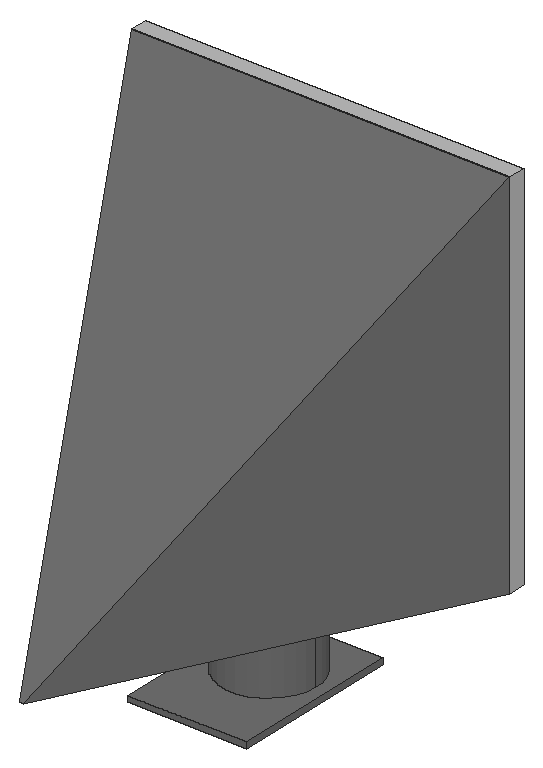
Revit family "M2WU", category Lighting Fixtures, host Face, Revit 2012
Parameters (values of type "M2WU-T4-32LED-5K-700")
  Wattage Comments = "57 and 70 watts High Output Fluorescent"
  Wattage = 9.2903 W
  built-in parameter 1150110 = 1 (stored number, unit not read)
  Voltage = 120 V
  URL = "www.aal.net"
  built-in parameter 1114217 = 1 (stored number, unit not read)
  Tilt Angle = 90.00°
  built-in parameter 1150109 = 1 (stored number, unit not read)
  built-in parameter 1150134 = 3
  built-in parameter 1150113 = 1 (stored number, unit not read)
  Product Page URL = "http://www.aal.net/products/mitre_medium_scale/"
  Product Documentation Link = "http://www.aal.net/content/products/specs/specs_files/aal_m2_spec.pdf"
  Photometric Web File = "M2-T4-32LED-5K-700.ies"
  built-in parameter 1150142 = (empty or 0)
  Model = "M2WU"  # constant formula
  Manufacturer Phone = "626-968-5666"  # constant formula
  Manufacturer Fax = "626-369-2695"  # constant formula
  Manufacturer = "Architectural Area Lighting"  # constant formula
  built-in parameter 1150105 = -9506820 (stored number, unit not read)
  Lumens = 1380 lm
  built-in parameter 1150115 = 1 (stored number, unit not read)
  built-in parameter 1150137 = (empty or 0)
  built-in parameter 1150139 = (empty or 0)
  built-in parameter 1150112 = 1 (stored number, unit not read)
  built-in parameter 1150114 = 1 (stored number, unit not read)
  Lamp = "One"
  built-in parameter 1150132 = (empty or 0)
  built-in parameter 1150102 = (empty or 0)
  built-in parameter 1150107 = 3200 (stored number, unit not read)
  built-in parameter 1150138 = (empty or 0)
  built-in parameter 1150106 = -95068.2 (stored number, unit not read)
  Glass = Glass-Finish
  Finish 2 = Silicon Gasket
  Finish = Die Cast Aluminium
  built-in parameter 1150104 = 13.8 (stored number, unit not read)
  Dimming Lamp Color Temperature Shift = <None>
  Description = "Horizontal reflector uplight"  # constant formula
  Default Elevation = 60"
  Color Filter = 16777215
  built-in parameter 1114218 = 1 (stored number, unit not read)
  built-in parameter 1150133 = 10 (stored number, unit not read)
  Apparent Load = 0 VA
Types (22): name | Photometric Web File | built-in parameter 1150105 | built-in parameter 1150106
  M2WU-T2-32LED-3K-700 | "M2-T2-32LED-3K-700.ies" | -4749960 (stored number, unit not read) | -47499.6 (stored number, unit not read)
  M2WU-T3-32LED-3K-700 | "M2-T3-32LED-3K-700.ies" | -4759620 (stored number, unit not read) | -47596.2 (stored number, unit not read)
  M2WU-T4-32LED-3K-700 | "M2-T4-32LED-3K-700.ies" | -7508580 (stored number, unit not read) | -75085.8 (stored number, unit not read)
  M2WU-T4-32LED-3K-HSS-700 | "M2-T4-32LED-3K-HSS-700.ies" | -7391280 (stored number, unit not read) | -73912.8 (stored number, unit not read)
  M2WU-T5-32LED-3K-700 | "M2-T5-32LED-3K-700.ies" | -2405340 (stored number, unit not read) | -24053.4 (stored number, unit not read)
  M2WU-TL-32LED-3K-700 | "M2-TL-32LED-3K-700.ies" | -11247000 (stored number, unit not read) | -112470 (stored number, unit not read)
  M2WU-TR-32LED-3K-700 | "M2-TR-32LED-3K-700.ies" | -11247000 (stored number, unit not read) | -112470 (stored number, unit not read)
  M2WU-T2-32LED-4K-700 | "M2-T2-32LED-4K-700.ies" | -5971260 (stored number, unit not read) | -59712.6 (stored number, unit not read)
  M2WU-T3-32LED-4K-700 | "M2-T3-32LED-4K-700.ies" | -5982300 (stored number, unit not read) | -59823 (stored number, unit not read)
  M2WU-T4-32LED-4K-700 | "M2-T4-32LED-4K-700.ies" | -8942400 (stored number, unit not read) | -89424 (stored number, unit not read)
  M2WU-T4-32LED-4K-HSS-700 | "M2-T4-32LED-4K-HSS-700.ies" | -8849940 (stored number, unit not read) | -88499.4 (stored number, unit not read)
  M2WU-T5-32LED-4K-700 | "M2-T5-32LED-4K-700.ies" | -3022200 (stored number, unit not read) | -30222 (stored number, unit not read)
  M2WU-TL-32LED-4K-700 | "M2-TL-32LED-4K-700.ies" | -13467420 (stored number, unit not read) | -134674.2 (stored number, unit not read)
  M2WU-TR-32LED-4K-700 | "M2-TR-32LED-4K-700.ies" | -13467420 (stored number, unit not read) | -134674.2 (stored number, unit not read)
  M2WU-T2-32LED-5K-700 | "M2-T2-32LED-5K-700.ies" | -6419760 (stored number, unit not read) | -64197.6 (stored number, unit not read)
  M2WU-T2-32LED-5K-HSS-700 | "M2-T2-32LED-5K-HSS-700.ies" | -5370960 (stored number, unit not read) | -53709.6 (stored number, unit not read)
  M2WU-T3-32LED-5K-700 | "M2-T3-32LED-5K-700.ies" | 971.78 (stored number, unit not read) | 9.7178 (stored number, unit not read)
  M2WU-T4-32LED-5K-700 | "M2-T4-32LED-5K-700.ies" | -9506820 (stored number, unit not read) | -95068.2 (stored number, unit not read)
  M2WU-T4-32LED-5K-HSS-700 | "M2-T4-32LED-5K-HSS-700.ies" | -9724860 (stored number, unit not read) | -97248.6 (stored number, unit not read)
  M2WU-T5-32LED-5K-700 | "M2-T5-32LED-5K-700.ies" | -3249900 (stored number, unit not read) | -32499 (stored number, unit not read)
  M2WU-TL-32LED-5K-700 | "M2-TL-32LED-5K-700.ies" | -14799120 (stored number, unit not read) | -147991.2 (stored number, unit not read)
  M2WU-TR-32LED-5K-700 | "M2-TR-32LED-5K-700.ies" | -14799120 (stored number, unit not read) | -147991.2 (stored number, unit not read)
Reference planes (in)
  plane 1 "Center (Front/Back)": y = 0
  plane 2: z = 0
  plane 3 "Center (Left/Right)": x = 0
  plane 4: x = -8
  plane 5: x = 8
  plane 6: z = 20.5
  plane 7: y = 1.25
  plane 8: z = 4.68959
  plane 9: y = 0.75
  plane 10: y = -1.25
  plane 11: y = -6
  plane 12: y = -0.75
  plane 13: y = -3.5
Forms (in)
  Extrusion 1, solid, material "Die Cast Aluminium" <- "Finish"
    sketch origin (0, 0, 0) x (1, 0, 0) y (0, 1, 0)
      loop
        line (-8, -0.75) -> (0, -16.75) -> (8, -0.75) -> (-8, -0.75)
    from 4.68959 to 20.5
  Extrusion 2, void
    sketch origin (0, 0, 0) x (0, -1, 0) y (0, 0, -1)
      loop
        line (16.75, -20.5) -> (16.75, -4.5) -> (0.75, -20.5) -> (16.75, -20.5)
    from -8 to 8
  Sweep 3, solid, material "Silicon Gasket" <- "Finish 2"
    path origin (0, 0, 0) x (1, 0, 0) y (0, 0, -1)
      loop
        line (-8, -20.5) -> (8, -20.5) -> (8, -4.68959) -> (-8, -4.68959) -> (-8, -20.5)
    profile origin (0, 0, 20.5) x (0, 0, -1) y (0, 1, 0)
      loop
        line (0, 0) -> (0, -0.75) -> (0.61433, -0.75) -> (0.61433, 0) -> (0, 0)
  Blend 4, void
    base sketch origin (0, 0, 0) x (1, 0, 0) y (0, 0, -1)
      loop
        line (-7.38567, -19.88567) -> (7.38567, -19.88567) -> (7.38567, -5.30392) -> (-7.38567, -5.30392) -> (-7.38567, -19.88567)
    top sketch origin (0, 0, 0) x (1, 0, 0) y (0, 0, -1)
      loop
        line (-1.25, -7.77184) -> (1.25, -7.77184) -> (1.25, -5.30392) -> (-1.25, -5.30392) -> (-1.25, -7.77184)
    from -0.75 to -12.84629
  Revolve 5, solid, material "Die Cast Aluminium" <- "Finish"
    sketch origin (0, -3.5, 6.28456) x (0, 0, 1) y (-1, 0, 0)
      loop
        line (-1.59497, 0) -> (-6.28456, 0) -> (-6.28456, -2) -> (-1.59497, -2) -> (-1.59497, 0)
      axis (-1.59497, 0) -> (-6.28456, 0)
    angle from 0 to 360
  Extrusion 6, solid, material "Glass-Finish" <- "Glass"
    sketch origin (0, 0, 0) x (1, 0, 0) y (0, 0, 1)
      loop
        line (-7.38567, 19.88567) -> (-7.38567, 5.30392) -> (7.38567, 5.30392) -> (7.38567, 19.88567) -> (-7.38567, 19.88567)
    from 0 to 0.25
  Extrusion 7, solid, material "Die Cast Aluminium" <- "Finish"
    sketch origin (0, 0, 0) x (1, 0, 0) y (0, 1, 0)
      loop
        line (-2.5, -0.5625) -> (-2.5, -7.8125) -> (2.5, -7.8125) -> (2.5, -0.5625) -> (-2.5, -0.5625)
    from 0 to 0.25
Cuts and joins
  Extrusion 2 cuts Extrusion 1
  joined: Revolve 5, Extrusion 7
Dimensions and locks (in)
  equal spacing: plane 4, plane 3 "Center (Left/Right)", plane 5
  plane 4 to plane 5 = 16"
  plane 6 to plane 2 = 20 1/2"
  aligned and locked: plane 2 to host face
  aligned and locked: level to host face
  aligned and locked: profile plane to Sweep 3 sketch curve
  aligned and locked: Sweep 3 sketch curve to profile plane
  aligned and locked: plane 12 to Sweep 3 sketch curve
  aligned and locked: plane 12 to Sweep 3
  aligned and locked: Revolve 5 sketch curve to Revolve 5 sketch curve
Automatic sketch dimensions
  host sketch curve to host sketch curve = 96"  (x2)
  Extrusion 1 sketch curve to plane 4 = 0"
  Extrusion 1 sketch curve to plane 3 "Center (Left/Right)" = 0"
  Extrusion 1 sketch curve to plane 5 = 0"
  Extrusion 1 sketch curve to plane 12 = 0"
  plane 11 to Extrusion 1 sketch curve = 10 3/4"
  Extrusion 2 sketch curve to plane 6 = 0"
  Extrusion 2 sketch curve to plane 12 = 0"
  plane 11 to Extrusion 2 sketch curve = 10 3/4"
  plane 8 to Extrusion 2 sketch curve = 0.18959"
  Sweep 3 sketch curve to plane 4 = 0"
  Sweep 3 sketch curve to plane 5 = 0"
  Sweep 3 sketch curve to plane 6 = 0"
  Sweep 3 sketch curve to plane 8 = 0"
  Sweep 3 sketch curve to profile plane = 0.61433"
  plane 4 to Blend 4 sketch curve = 0.61433"
  Blend 4 sketch curve to plane 5 = 0.61433"
  Blend 4 sketch curve to plane 6 = 0.61433"
  plane 8 to Blend 4 sketch curve = 0.61433"  (x2)
  Blend 4 sketch curve to plane 3 "Center (Left/Right)" = 1 1/4"
  plane 3 "Center (Left/Right)" to Blend 4 sketch curve = 1 1/4"
  Blend 4 sketch curve to Blend 4 sketch curve = 2.46791"
  Revolve 5 sketch curve to level = 0"
  Revolve 5 sketch curve to plane 3 "Center (Left/Right)" = 0"
  Revolve 5 sketch curve to plane 8 = 0"
  Revolve 5 sketch curve to level = 1.18959"
  plane 8 to Revolve 5 sketch curve = 1"
  Revolve 5 sketch curve to plane 3 "Center (Left/Right)" = 2"
  plane 4 to Extrusion 6 sketch curve = 0.61433"
  Extrusion 6 sketch curve to plane 5 = 0.61433"
  plane 8 to Extrusion 6 sketch curve = 0.61433"
  Extrusion 6 sketch curve to plane 6 = 0.61433"
  Extrusion 7 sketch curve to plane 5 = 10 1/2"
  Extrusion 7 sketch curve to Extrusion 7 sketch curve = 5"
  plane 7 to Extrusion 7 sketch curve = 9 1/16"
  Extrusion 7 sketch curve to Extrusion 7 sketch curve = 7 1/4"
Connectors (in)
  electrical at (0, -4.1875, 0), driven by "Voltage", driven by "Description"
    settings: on cut or joined group of Revolve 5, Extrusion 7, index 1, voltage 120 V, apparent load 0 VA, apparent load phase1 0 VA, apparent load phase2 0 VA, apparent load phase3 0 VA, power factor 1, load classification "Other", number of poles 1, system type 30, power factor state 1, is connector primary yes, connector utility no, sub classification motor no, connector description "Horizontal reflector uplight"
